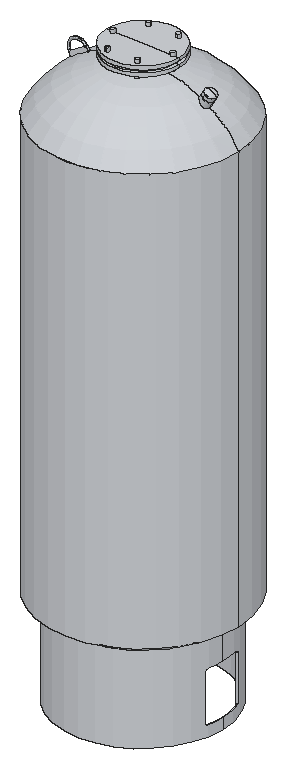
Revit family "FXA-1400", category Mechanical Equipment, Revit 2014
Parameters (values of type "FXA-1400")
  VoidLength = 7 1/2"
  URL = "http://westank.com/"
  TankVolume = "370 Gallons"
  SystemConnectionAngle = 50.00°
  PartNumber = "21011400"
  OuterRadius = 15"
  Model = "FXA-1400"
  MaximumOperatingTemperature = "240°F"
  MaximumOperatingPressure = "125 PSIG"
  Manufacturer = "Wessels Company"
  InnerRadius = 14.766"
  HandleAngle = 120.00°
  G = 8 1/2"
  E = 30"
  F = 7.9997"
  DrainAngle = 63.00°
  C = 3"
  BottomOfTheCylinder = 6.11811"
  B = 110.50006"
  ApproximateShipmentWeight = "900 lbs"
  Angle = 35.00°
  A = 36"
Reference planes (in)
  plane 1 "Center (Front/Back)": y = 0
  plane 2: z = 0
  plane 3 "Center (Left/Right)": x = 0
  plane 4: x = -18
  plane 5: y = 1.9685
  plane 6: y = -1.9685
  plane 7: z = 110.50006
  plane 8: x = 18
  plane 9: y = 0.15626
  plane 10: y = -0.15626
  plane 11: x = -18
  plane 12: x = 18
  plane 13: x = -15
  plane 14: x = 15
  plane 15: y = 0
  plane 16: y = 8.22887
  plane 17: y = -8.22887
  plane 18: through (0.00466, -180, 75.19677) normal (-0.9999, 0, -0.0139)
  plane 19: x = 7.9997
  plane 20: x = 6.4997
  plane 21: x = 9.4997
  plane 22: z = 106.86812
  plane 23: z = 96.58894
  plane 24: z = 95.58894
  plane 25: y = 0.25884
  plane 26: z = 8.5
  plane 27: z = 96.08894
  plane 28: z = 95.58894
  plane 29: z = 96.58894
Forms (in)
  Revolve 1, solid
    sketch origin (0, 0, -5.125) x (1, 0, 0) y (0, 0, 1)
      loop
        arc (0, 111.99312) -> (-10.26029, 110.1875) -> (-18, 103.21394) r 18.87587
        line (-18, 103.21394) -> (-18, 23.49834)
        arc (-18, 23.49834) -> (-9.46773, 19.31363) -> (0, 18.49306) r 25.86401
        line (0, 18.49306) -> (0, 111.99312)
      axis (0, 111.99312) -> (0, 18.49306)
    angle from 0 to 360
  Extrusion 2, solid
    sketch origin (0, 0, 0) x (1, 0, 0) y (0, 1, 0)
      loop
        circle (0, 0) r 15
      loop
        circle (0, 0) r 14.766
    from 19.49834 to 0
  Revolve 3, solid
    sketch origin (8.82524, 0, 75.39944) x (0.5, 0, 0.866025) y (-0.866025, 0, 0.5)
      loop
        line (26.23313, 11.92814) -> (26.23313, 10.83974) -> (27.73953, 10.83974) -> (27.73953, 10.87271) -> (28.54767, 10.87271)
        arc (28.54767, 10.87271) -> (28.89291, 11.34409) -> (28.90982, 11.92814) r 0.9835
        line (28.90982, 11.92814) -> (26.23313, 11.92814)
      axis (26.23313, 11.92814) -> (28.90982, 11.92814)
    angle from 0 to 360
  Sweep 4, solid
    path origin (-8.96169, 0, 75.69322) x (-0.520899, 0, 0.853618) y (-0.853618, 0, -0.520899)
      loop
        arc (26.58887, -10.7516) -> (28.33887, -12.5016) -> (26.58887, -14.2516) r 1.75
    profile origin (-13.05177, 0, 106.39587) x (-0.520899, 0, 0.853618) y (0, -1, 0)
      loop
        circle (0, 0) r 0.15625
  Extrusion 5, solid
    sketch origin (-6.4223, 0, 71.53183) x (-0.520899, 0, 0.853618) y (-0.853618, 0, -0.520899)
      loop
        line (31.46387, -10.596) -> (30.4869, -10.596) -> (30.4869, -14.4111) -> (31.46387, -14.4111) -> (31.46387, -10.596)
    from 0.15626 to -0.15626
  Sweep 6, solid
    path origin (-12.625, 0, 56.08927) x (-1, 0, 0) y (0, 0, -1)
      loop
        arc (6.10198, -10.25006) -> (7.85198, -12.00006) -> (6.10198, -13.75006) r 1.75
    profile origin (-20.47698, 0, 68.08934) x (-1, 0, 0) y (0, -1, 0)
      loop
        circle (0, 0) r 0.15625
  Extrusion 7, solid
    sketch origin (-7.75, 0, 56.08927) x (-1, 0, 0) y (0, 0, -1)
      loop
        line (10.97698, -10.09446) -> (10, -10.09446) -> (10, -13.90957) -> (10.97698, -13.90957) -> (10.97698, -10.09446)
    from 0.15626 to -0.15626
  Revolve 8, solid
    sketch origin (0.22045, 0, 73.50107) x (0, 0, 1) y (-1, 0, 0)
      loop
        line (36.53366, 0.22045) -> (32.7935, 0.22045) -> (32.7935, -3.6338)
        arc (32.7935, -3.6338) -> (33.77775, -3.40837) -> (34.762, -3.6338) r 2.26145
        line (34.762, -3.6338) -> (34.762, -6.60942) -> (35.35255, -6.60942) -> (35.35255, -5.99313) -> (35.9431, -5.99313) -> (35.9431, -6.60942) -> (36.53366, -6.60942) -> (36.53366, 0.22045)
      axis (36.53366, 0.22045) -> (32.7935, 0.22045)
    angle from 0 to 360
  Extrusion 9, solid
    sketch origin (0, 0, 0) x (0, 1, 0) y (0, 0, 1)
      loop
        circle (0, 96.08894) r 0.5
    from -17.65104 to -19.22575
  Revolve 10, solid
    sketch origin (4.84981, 0, 21.81946) x (0.274641, 0, -0.961547) y (0.961547, 0, 0.274641)
      loop
        line (11.53359, 0) -> (7.79343, 0) -> (7.79343, -3.1338)
        arc (7.79343, -3.1338) -> (8.77769, -2.90837) -> (9.76194, -3.1338) r 2.26145
        line (9.76194, -3.1338) -> (9.76194, -5.73442) -> (10.35249, -5.73442) -> (10.35249, -5.11813) -> (10.94304, -5.11813) -> (10.94304, -5.73442) -> (11.53359, -5.73442) -> (11.53359, 0)
      axis (7.79343, 0) -> (11.53359, 0)
    angle from 0 to 360
  Extrusion 11, solid
    sketch origin (6.99003, -2.56268, 10.43982) x (-0.961534, 0, -0.274687) y (-0.000007, 1, 0.000023)
      loop
        circle (-3.74768, 6.40672) r 0.3937
    from 0.59055 to -2.3622
  Extrusion 12, solid
    sketch origin (8.84181, -2.64003, 10.96873) x (-0.729789, -0.651106, -0.208495) y (-0.626075, 0.758987, -0.178797)
      loop
        circle (-3.74768, 6.40672) r 0.3937
    from 0.59055 to -2.3622
  Extrusion 13, solid
    sketch origin (10.29571, -1.44481, 11.384) x (-0.14626, -0.988362, -0.041825) y (-0.950362, 0.152123, -0.271422)
      loop
        circle (-3.74768, 6.40672) r 0.3937
    from 0.59055 to -2.3622
  Extrusion 14, solid
    sketch origin (10.65091, 0.44684, 11.48546) x (0.507775, -0.849202, 0.144983) y (-0.816554, -0.528068, -0.233203)
      loop
        circle (-3.74768, 6.40672) r 0.3937
    from 0.59055 to -2.3622
  Extrusion 15, solid
    sketch origin (9.73621, 2.1231, 11.22419) x (0.917057, -0.300705, 0.261883) y (-0.289149, -0.953717, -0.082563)
      loop
        circle (-3.74768, 6.40672) r 0.3937
    from 0.59055 to -2.3622
  Extrusion 16, solid
    sketch origin (7.9925, 2.77597, 10.72615) x (0.8843, 0.392739, 0.252527) y (0.37763, -0.91965, 0.107885)
      loop
        circle (-3.74768, 6.40672) r 0.3937
    from 0.59055 to -2.3622
  Extrusion 17, solid
    sketch origin (6.26031, 2.09076, 10.23139) x (0.425294, 0.896873, 0.121424) y (0.862379, -0.442288, 0.246341)
      loop
        circle (-3.74768, 6.40672) r 0.3937
    from 0.59055 to -2.3622
  Extrusion 18, solid
    sketch origin (5.37459, 0.39774, 9.97841) x (-0.238708, 0.968691, -0.068231) y (0.931436, 0.248268, 0.266065)
      loop
        circle (-3.74768, 6.40672) r 0.3937
    from 0.59055 to -2.3622
  Extrusion 19, solid
    sketch origin (5.76228, -1.48699, 10.08914) x (-0.78764, 0.573576, -0.225019) y (0.551513, 0.819153, 0.15755)
      loop
        circle (-3.74768, 6.40672) r 0.3937
    from 0.59055 to -2.3622
  Extrusion 20, solid
    sketch origin (7.85796, 0, -10.02198) x (0, 1, 0) y (1, 0, 0)
      loop
        circle (0, 0.14143) r 1.5
    from -21.52198 to -18.52198
  Extrusion 21, void
    sketch origin (0, 0, 0) x (0, 1, 0) y (0, 0, 1)
      loop
        arc (-3.61616, 2.41569) -> (-3.49279, 2.10197) -> (-3.19661, 1.94094) r 0.49283
        line (-3.19661, 1.94094) -> (3.71429, 1.94094)
        arc (3.71429, 1.94094) -> (4.01046, 2.10197) -> (4.13384, 2.41569) r 0.49283
        line (4.13384, 2.41569) -> (4.13384, 11.02525)
        arc (4.13384, 11.02525) -> (4.01046, 11.33898) -> (3.71429, 11.5) r 0.49283
        line (3.71429, 11.5) -> (-3.19661, 11.5)
        arc (-3.19661, 11.5) -> (-3.49279, 11.33898) -> (-3.61616, 11.02525) r 0.49283
        line (-3.61616, 11.02525) -> (-3.61616, 2.41569)
    from 17.24266 to 10.38163
  Extrusion 22, solid
    sketch origin (0.89766, 1.57065, 109.90951) x (-0.5, 0.866025, 0.000001) y (-0.866025, -0.5, 0.000001)
      loop
        circle (-3.74768, 6.40672) r 0.3937
    from 0.59055 to -2.3622
  Extrusion 23, solid
    sketch origin (1.80935, 0.00846, 109.90949) x (0.499999, 0.866026, -0.000005) y (-0.866026, 0.499999, 0.000001)
      loop
        circle (-3.74768, 6.40672) r 0.3937
    from 0.59055 to -2.3622
  Extrusion 24, solid
    sketch origin (0.91208, -1.56549, 109.9093) x (1, 0.000002, -0.000001) y (-0.000002, 1, 0.000026)
      loop
        circle (-3.74768, 6.40672) r 0.3937
    from 0.59055 to -2.3622
  Extrusion 25, solid
    sketch origin (-0.90479, -1.57065, 109.90938) x (0.500003, -0.866024, 0.00004) y (0.866024, 0.500003, 0.00007)
      loop
        circle (-3.74768, 6.40672) r 0.3937
    from 0.59055 to -2.3622
  Extrusion 26, solid
    sketch origin (-1.80814, -0.00636, 109.90956) x (-0.499996, -0.866028, 0.000017) y (0.866028, -0.499996, 0.000001)
      loop
        circle (-3.74768, 6.40672) r 0.3937
    from 0.59055 to -2.3622
  Extrusion 27, solid
    sketch origin (-0.90989, 1.56288, 109.90945) x (-1, -0.000006, 0.000007) y (0.000006, -1, 0.000003)
      loop
        circle (-3.74768, 6.40672) r 0.3937
    from 0.59055 to -2.3622
  Extrusion 28, solid
    sketch origin (0.89826, 1.57065, 109.90945) x (-0.500006, 0.866022, 0.000001) y (-0.866022, -0.500006, 0.000001)
      loop
        circle (-3.74768, 6.40672) r 0.3937
    from 0.59055 to -2.3622
Cuts and joins
  Extrusion 21 cuts Extrusion 2
  joined: Revolve 1, Revolve 3, Extrusion 5, Revolve 8, Extrusion 9, Revolve 10, Extrusion 20
Dimensions and locks (in)
  equal spacing: plane 5, plane 1 "Center (Front/Back)", plane 6
  "B": plane 7 to level
  equal spacing: plane 8, plane 3 "Center (Left/Right)", plane 4
  "A": plane 8 to plane 4
  plane 9 to plane 10 = 0.31252"
  equal spacing: plane 14, plane 3 "Center (Left/Right)", plane 13
  "E": plane 14 to plane 13
  locked: Revolve 3 sketch curve to Revolve 3 sketch curve at 0.03297
  equal spacing: plane 16, plane 15, plane 17
  locked: Revolve 8 sketch curve to Revolve 8 sketch curve at 0.59055  (x3)
  locked: Revolve 8 sketch curve to Revolve 8 sketch curve at 1.9685
  locked: Extrusion 9 sketch curve to plane 15 at 0
  locked: Revolve 10 sketch curve to Revolve 10 sketch curve at 0.59055  (x3)
  locked: Revolve 10 sketch curve to Revolve 10 sketch curve at 1.9685
  locked: Extrusion 20 sketch curve to plane 1 "Center (Front/Back)" at 0
  "F": plane 19 to plane 3 "Center (Left/Right)"
  equal spacing: plane 21, plane 19, plane 20
  "C": plane 21 to plane 20
  locked: Extrusion 20 sketch curve to plane 19 at 0.0003
  locked: plane 7 to plane 22 at 3.63194
  locked: plane 7 to Revolve 1 sketch curve at 12.41113
  locked: plane 23 to plane 24 at 1
  "G": plane 26 to cut or joined group of Extrusion 2, Extrusion 21
  cut or joined group of Revolve 1, Revolve 3, Extrusion 5, Revolve 8, Extrusion 9, Revolve 10, Extrusion 20 to plane 27 = 2"
  "OuterRadius": radius of Extrusion 2 sketch curve
  "InnerRadius": radius of Extrusion 2 sketch curve
  "C": diameter of Extrusion 20 sketch curve
  aligned and locked: level to plane 2
  aligned and locked: Extrusion 2 to level
  aligned and locked: plane 4 to Revolve 1 sketch curve
  aligned and locked: Revolve 3 sketch curve to Revolve 3 sketch curve
  aligned and locked: Extrusion 5 sketch curve to Sweep 4
  aligned and locked: Extrusion 5 to plane 10
  aligned and locked: plane 9 to Extrusion 5
  aligned and locked: Extrusion 7 sketch curve to Sweep 6
  aligned and locked: Revolve 8 sketch curve to Revolve 8 sketch curve
  aligned and locked: Revolve 10 sketch curve to Revolve 10 sketch curve
  aligned and locked: plane 22 to Revolve 1 sketch curve
  aligned and locked: Revolve 8 sketch curve to plane 3 "Center (Left/Right)"
  aligned and locked: Extrusion 22 to plane 7
  aligned and locked: Extrusion 23 to plane 7
  aligned and locked: Extrusion 26 to plane 7
  aligned and locked: Extrusion 20 to plane 26
  aligned and locked: plane 29 to plane 23
Automatic sketch dimensions
  Revolve 1 sketch curve to plane 3 "Center (Left/Right)" = 0"  (x2)
  Revolve 1 sketch curve to plane 3 "Center (Left/Right)" = 2.5386"
  Revolve 1 sketch curve to plane 3 "Center (Left/Right)" = 1.98565"
  Revolve 1 sketch curve to Revolve 1 sketch curve = 5.00528"
  Revolve 1 sketch curve to Revolve 1 sketch curve = 10.96462"
  plane 13 to Sweep 4 sketch curve = 2.8598"
  Sweep 4 sketch curve to plane 7 = 5.59802"
  Sweep 4 sketch curve to Sweep 4 sketch curve = 1 3/4"
  Sweep 4 sketch curve to profile plane = 0"
  profile plane to Sweep 4 sketch curve = 0"
  Extrusion 5 sketch curve to Extrusion 5 sketch curve = 0.97698"
  plane 13 to Extrusion 5 sketch curve = 4.48979"
  Extrusion 5 sketch curve to Extrusion 5 sketch curve = 3.81511"
  Sweep 6 sketch curve to plane 4 = 0.72698"
  Sweep 6 sketch curve to Sweep 6 sketch curve = 1 3/4"
  Sweep 6 sketch curve to profile plane = 0"
  profile plane to Sweep 6 sketch curve = 0"
  plane 4 to Extrusion 7 sketch curve = 1/4"
  Extrusion 7 sketch curve to Extrusion 7 sketch curve = 3.81511"
  Revolve 10 sketch curve to plane 14 = 12.49651"
  Revolve 10 sketch curve to Revolve 10 sketch curve = 0.5646"
  Revolve 10 sketch curve to Revolve 10 sketch curve = 0.61629"
  Revolve 10 sketch curve to Revolve 10 sketch curve = 2.03603"
  Revolve 10 sketch curve to Revolve 10 sketch curve = 3.1338"
  Revolve 10 sketch curve to Revolve 10 sketch curve = 19.38704"
  Revolve 10 sketch curve to Revolve 10 sketch curve = 0.1272"
  Revolve 10 sketch curve to Revolve 10 sketch curve = 0"
  Revolve 10 sketch curve to Revolve 10 sketch curve = 0.98425"
  plane 21 to Revolve 3 sketch curve = 2.11204"
  Revolve 3 sketch curve to plane 7 = 6.41799"
  Revolve 3 sketch curve to Revolve 3 sketch curve = 1.5064"
  Revolve 3 sketch curve to Revolve 3 sketch curve = 0"
  Revolve 3 sketch curve to Revolve 3 sketch curve = 0.22312"
  Revolve 3 sketch curve to Revolve 3 sketch curve = 0.80814"
  Revolve 3 sketch curve to Revolve 3 sketch curve = 0.94717"
  Revolve 3 sketch curve to Revolve 3 sketch curve = 0.26484"
  Revolve 3 sketch curve to Revolve 3 sketch curve = 5.44847"
  Revolve 3 sketch curve to Revolve 3 sketch curve = 0.07201"
  Revolve 8 sketch curve to plane 3 "Center (Left/Right)" = 0"
  Revolve 8 sketch curve to plane 7 = 4.2055"
  Revolve 8 sketch curve to plane 20 = 0.60942"
  Revolve 8 sketch curve to Revolve 8 sketch curve = 0.98425"
  Revolve 8 sketch curve to plane 20 = 0.28611"
  plane 20 to Revolve 8 sketch curve = 0.33017"
  Revolve 8 sketch curve to Revolve 8 sketch curve = 2.03603"
  Revolve 8 sketch curve to Revolve 8 sketch curve = 0"
  plane 7 to Revolve 8 sketch curve = 0.53466"
  Extrusion 21 sketch curve to plane 6 = 1.64766"
  Extrusion 21 sketch curve to Extrusion 21 sketch curve = 0.41955"  (x3)
  Extrusion 21 sketch curve to Extrusion 21 sketch curve = 0.49267"  (x2)
  plane 5 to Extrusion 21 sketch curve = 1.67267"
  Extrusion 21 sketch curve to Extrusion 21 sketch curve = 0.07312"  (x2)
  level to Extrusion 21 sketch curve = 1.94094"
  Extrusion 21 sketch curve to Extrusion 21 sketch curve = 0.47475"  (x3)
  Extrusion 21 sketch curve to Extrusion 21 sketch curve = 0.01263"  (x2)
  Revolve 10 sketch curve to plane 18 = 6.14074"
  level to Revolve 1 sketch curve = 39.10718"
  Extrusion 21 sketch curve to Extrusion 21 sketch curve = 8.58431"
  Extrusion 2 sketch curve to Extrusion 2 sketch curve = 0"  (x2)
  plane 1 "Center (Front/Back)" to Extrusion 2 sketch curve = 0"
  Extrusion 2 sketch curve to plane 3 "Center (Left/Right)" = 0"
  Revolve 1 sketch curve to plane 24 = 0.4938"
  plane 24 to Sweep 6 sketch curve = 27.4996"
  plane 24 to Extrusion 7 sketch curve = 25.5901"
  plane 23 to Extrusion 9 sketch curve = 1/2"
  radius of Extrusion 11 sketch curve = 0.3937"
  radius of Extrusion 12 sketch curve = 0.3937"
  radius of Extrusion 13 sketch curve = 0.3937"
  radius of Extrusion 14 sketch curve = 0.3937"
  radius of Extrusion 15 sketch curve = 0.3937"
  radius of Extrusion 16 sketch curve = 0.3937"
  radius of Extrusion 17 sketch curve = 0.3937"
  radius of Extrusion 18 sketch curve = 0.3937"
  radius of Extrusion 19 sketch curve = 0.3937"
  radius of Sweep 4 sketch curve = 5/32"
  radius of Sweep 6 sketch curve = 5/32"
  radius of Extrusion 9 sketch curve = 1/2"
  radius of Extrusion 22 sketch curve = 0.3937"
  radius of Extrusion 23 sketch curve = 0.3937"
  radius of Extrusion 24 sketch curve = 0.3937"
  radius of Extrusion 25 sketch curve = 0.3937"
  radius of Extrusion 26 sketch curve = 0.3937"
  radius of Extrusion 27 sketch curve = 0.3937"
  radius of Extrusion 28 sketch curve = 0.3937"
Connectors (in)
  piping at (7.99939, 0, 8.5), diameter 3, driven by "C"
    settings: on Extrusion 20, index 1, connector inside diameter 24", connector length 0", flow factor 0, pipe flow 0 GPM, pressure drop 0.00 psi, fitting loss kfactor 0, connector angle 0.00°, fixture units 0, engagement length 0", angle of deflection 0.00°, flow configuration 0, flow direction 0, fitting loss method 0, system type 7, joint type 0, gender type 0, connector reference index -1, connector utility 0, adjustable connector no, is connector primary yes, connector description ""
